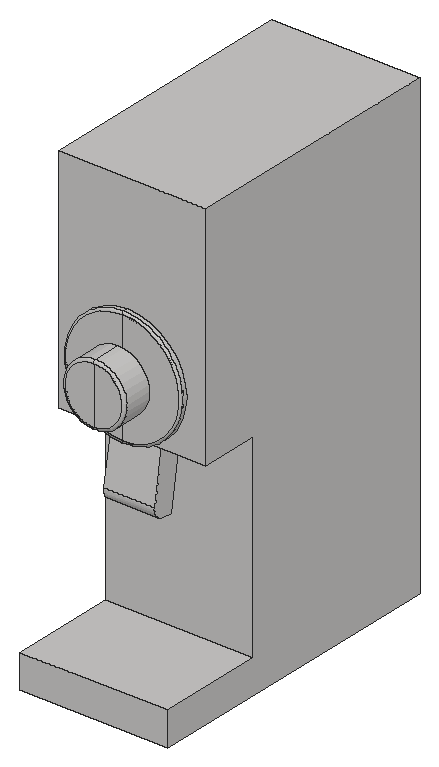
Revit family "QF_ELECTROLUXPROFESSIONAL_600790_E835BUK", category Specialty Equipment, Revit 2018
Family settings
  Round Connector Dimension = Use Diameter
  Part Type = Normal
  Work Plane-Based = No
  Always vertical = Yes
  Cut with Voids When Loaded = No
  Shared = No
  Room Calculation Point = No
Parameters
  Weight = 0.00 lbm
  Watts = 0 W
  Volts = 230 V
  URL Manufacturer = "http://professional.electrolux.com"
  URL = "http://professional.electrolux.com"
  Steam Supply Size = 0"
  Steam Supply Minimum Pressure = 0.00 psi
  Steam Supply Maximum Pressure = 0.00 psi
  Steam Pounds per Hour = 0
  Show Clearance [instance] = yes
  Refrigeration Suction Line Size = 0"
  Refrigeration Liquid Line Size = 0"
  Refrigerant Compressor Remote = yes
  Phase = 1
  Model = "E835BUK"
  Manufacturer = "Electrolux"
  Length Actual = 178 mm  # constant formula
  Item Number = "600790"
  Hot Water Size = 0"
  Height Actual = 559 mm  # constant formula
  HP = "1.1 HP"
  Gas Size = 0"
  Gas KW = 0
  Gas Input Pressure = 0.0 Btu/h
  Direct Waste Size = 0"
  Description = "GRINDER. ONE 0.7 KG HOPPER - BLACK-UK PLUG"
  Depth Actual = 381 mm  # constant formula
  Cycle = 50 Hz
  Condensate Return Size = 0"
  Compressed Air Volume = 0 GPM
  Compressed Air Size = 0"
  Compressed Air Pressure = 0.00 psi
  Cold Water Size = 0"
  Accessory = yes
Reference planes
  plane 1 "BACK": y = 0
  plane 2: z = 0
  plane 3 "LEFT": x = 0
  plane 4 "RIGHT": x = 178
  plane 5 "FRONT": y = -381
  plane 6 "TOP": z = 559
  plane 7 "Center Y": x = 89
  plane 8 "Center X": y = -190.5
Forms (mm)
  Extrusion 1, solid, material "QF_Metal - Stainless - Polished"
    sketch origin (0, 0, 0) x (0, 1, 0) y (0, 0, 1)
      loop
        line (-323.17, 559) -> (-323.17, 280.054) -> (-251.107, 280.054) -> (-251.107, 40.821) -> (-381, 40.821) -> (-381, 0) -> (0, 0) -> (0, 559) -> (-323.17, 559)
    from 0 to 178
  Revolve 2, solid, material "QF_Metal - Stainless - Polished"
    sketch origin (89, 175.397, 1219.2) x (0, 1, 0) y (0, 0, 1)
      loop
        line (-498.567, -868.729) -> (-498.567, -814.641) -> (-505.371, -814.641) -> (-505.371, -797.632) -> (-510.352, -797.632)
        arc (-510.352, -797.632) -> (-512.218, -798.405) -> (-512.991, -800.27) r 2.638
        line (-512.991, -800.27) -> (-512.991, -839.134) -> (-519.794, -839.134) -> (-519.794, -830.97) -> (-553.233, -830.97)
        arc (-553.233, -830.97) -> (-555.47, -831.897) -> (-556.397, -834.134) r 3.165
        line (-556.397, -834.134) -> (-556.397, -868.729) -> (-498.567, -868.729)
      axis (-556.397, -868.729) -> (-498.567, -868.729)
    angle from 0 to 360
  Extrusion 3, solid, material "QF_Metal - Stainless - Polished"
    sketch origin (0, 0, 0) x (0, 1, 0) y (0, 0, 1)
      loop
        line (-316.366, 280.054) -> (-327.566, 216.537)
        arc (-327.566, 216.537) -> (-325.654, 206.464) -> (-317.064, 200.868) r 13.074
        line (-317.064, 200.868) -> (-302.921, 198.374) -> (-288.518, 280.054) -> (-316.366, 280.054)
    from 58.486 to 119.514
  Extrusion 4, solid, material "QF_Door-Drawer Clearances", visible <- "Show Clearance", detail levels coarse
    sketch origin (0, 0, 0) x (0, 1, 0) y (0, 0, 1)
      loop
        arc (-44.479, 800.898) -> (-215.34, 730.125) -> (-286.112, 559.265) r 241.633
        line (-286.112, 559.265) -> (-44.479, 559.265) -> (-44.479, 800.898)
    from 12.295 to 165.705
  Extrusion 5, solid, material "QF_Metal - Stainless - Polished"
    sketch origin (18.398, 0, 559) x (0, 0, -1) y (-1, 0, 0)
      loop
        circle (456.375, -70.602) r 5
    from 0 to 2
Lines and regions (mm)
  symbolic lines
    curve 1: line (0, 0, 0) -> (178, 0, 0)
    curve 2: line (0, -323.17, 0) -> (0, 0, 0)
    curve 3: line (178, -323.17, 0) -> (0, -323.17, 0)
    curve 4: line (178, 0, 0) -> (178, -323.17, 0)
    curve 5: line (0, -323.17, 0) -> (0, -342.857, 0)
    curve 6: line (0, -342.857, 0) -> (58.486, -342.857, 0)
    curve 7: line (178, -342.857, 0) -> (119.525, -342.857, 0)
    curve 8: line (178, -323.17, 0) -> (178, -342.857, 0)
    curve 9: line (119.525, -337.581, 0) -> (119.525, -344.397, 0)
    curve 10: line (119.525, -344.397, 0) -> (127.143, -344.397, 0)
    curve 11: line (127.143, -344.397, 0) -> (127.143, -377.814, 0)
    curve 12: line (58.486, -344.397, 0) -> (58.486, -337.581, 0)
    curve 13: line (119.525, -344.397, 0) -> (50.857, -344.397, 0)
    curve 14: line (50.857, -344.397, 0) -> (50.857, -377.846, 0)
    curve 15: line (123.957, -381, 0) -> (54.011, -381, 0)
    curve 16: arc (127.143, -377.814, 0) -> (126.21, -380.067, 0) -> (123.957, -381, 0) r 3.186
    curve 17: arc (50.857, -377.846, 0) -> (51.781, -380.076, 0) -> (54.011, -381, 0) r 3.154
    curve 18: line (35.6, -323.17, 0) -> (35.6, -329.973, 0)
    curve 19: line (35.6, -329.973, 0) -> (17.904, -329.973, 0)
    curve 20: line (35.6, -329.973, 0) -> (160.096, -329.973, 0)
    curve 21: line (160.096, -329.973, 0) -> (160.096, -335.016, 0)
    curve 22: line (157.532, -337.581, 0) -> (20.538, -337.581, 0)
    curve 23: arc (160.096, -335.016, 0) -> (159.345, -336.829, 0) -> (157.532, -337.581, 0) r 2.564
    curve 24: line (17.904, -329.973, 0) -> (17.904, -334.947, 0)
    curve 25: arc (17.904, -334.947, 0) -> (18.675, -336.809, 0) -> (20.538, -337.581, 0) r 2.634
    curve 26: line (142.455, -329.973, 0) -> (142.455, -323.17, 0)
Dimensions and locks
  equal spacing: plane 3 "LEFT", plane 7 "Center Y", plane 4 "RIGHT"
  plane 3 "LEFT" to plane 4 "RIGHT" = 178 mm
  equal spacing: plane 5 "FRONT", plane 8 "Center X", plane 1 "BACK"
  plane 5 "FRONT" to plane 1 "BACK" = 381 mm  (x2)
  plane 6 "TOP" to level = 559 mm
  plane 6 "TOP" to plane 2 = 559 mm
  plane 4 "RIGHT" to plane 3 "LEFT" = 178 mm
  aligned and locked: level to plane 2
Automatic sketch dimensions
  plane 1 "BACK" to curve 1 = 0 mm
  plane 3 "LEFT" to curve 1 = 0 mm
  plane 5 "FRONT" to curve 17 = 0 mm
  curve 4 to plane 4 "RIGHT" = 0 mm
  plane 3 "LEFT" to curve 19 = 17.904 mm
  curve 24 to curve 25 = 2.634 mm
  curve 25 to curve 20 = 15.062 mm
  curve 14 to plane 5 "FRONT" = 3.154 mm
  curve 14 to plane 7 "Center Y" = 38.143 mm
  plane 7 "Center Y" to curve 9 = 30.525 mm
  curve 9 to curve 15 = 4.431 mm
  curve 16 to curve 11 = 3.186 mm
  plane 4 "RIGHT" to curve 22 = 20.468 mm
  curve 23 to curve 20 = 2.564 mm
  curve 14 to curve 14 = 33.449 mm
  curve 8 to plane 5 "FRONT" = 38.143 mm
  curve 7 to curve 22 = 5.277 mm
  curve 25 to curve 18 = 4.973 mm
  curve 5 to curve 3 = 19.687 mm
  curve 13 to curve 12 = 7.629 mm
  curve 26 to curve 23 = 15.077 mm
  curve 12 to curve 6 = 1.54 mm
  Extrusion 1 sketch curve to level = 0 mm
  Extrusion 1 sketch curve to plane 6 "TOP" = 0 mm
  Extrusion 1 sketch curve to plane 1 "BACK" = 0 mm
  level to Extrusion 1 sketch curve = 40.821 mm
  Extrusion 1 sketch curve to plane 8 "Center X" = 60.607 mm
  Extrusion 1 sketch curve to Extrusion 1 sketch curve = 72.063 mm
  Extrusion 1 sketch curve to plane 6 "TOP" = 278.946 mm
  Revolve 2 sketch curve to plane 5 "FRONT" = 0 mm
  Revolve 2 sketch curve to Revolve 2 sketch curve = 3.165 mm
  Revolve 2 sketch curve to Revolve 2 sketch curve = 33.439 mm
  Revolve 2 sketch curve to Revolve 2 sketch curve = 6.804 mm
  Revolve 2 sketch curve to Revolve 2 sketch curve = 2.638 mm
  Revolve 2 sketch curve to Revolve 2 sketch curve = 4.982 mm
  Revolve 2 sketch curve to Revolve 2 sketch curve = 14.424 mm
  Revolve 2 sketch curve to plane 6 "TOP" = 208.529 mm
  Revolve 2 sketch curve to Revolve 2 sketch curve = 29.595 mm
  Revolve 2 sketch curve to Revolve 2 sketch curve = 5 mm
  Revolve 2 sketch curve to Revolve 2 sketch curve = 16.329 mm
  Revolve 2 sketch curve to Revolve 2 sketch curve = 14.371 mm
  Revolve 2 sketch curve to Revolve 2 sketch curve = 7.036 mm
  Revolve 2 sketch curve to Revolve 2 sketch curve = 21.299 mm
  Revolve 2 sketch curve to Revolve 2 sketch curve = 0 mm
  plane 6 "TOP" to Extrusion 4 sketch curve = 0.265 mm
  Extrusion 4 sketch curve to plane 5 "FRONT" = 94.888 mm
  plane 1 "BACK" to Extrusion 4 sketch curve = 44.479 mm
  Extrusion 5 sketch curve to plane 7 "Center Y" = 0 mm
  level to Extrusion 5 sketch curve = 102.625 mm
  Extrusion 1 sketch curve to plane 5 "FRONT" = 0 mm
  Extrusion 3 sketch curve to plane 5 "FRONT" = 53.434 mm
  Extrusion 3 sketch curve to Extrusion 3 sketch curve = 10.502 mm
  Extrusion 3 sketch curve to Extrusion 3 sketch curve = 11.2 mm
  Extrusion 3 sketch curve to Extrusion 3 sketch curve = 2.27 mm
  Extrusion 3 sketch curve to Extrusion 3 sketch curve = 14.143 mm
  Extrusion 3 sketch curve to Extrusion 3 sketch curve = 27.848 mm
  level to Extrusion 3 sketch curve = 198.374 mm
  Extrusion 3 sketch curve to Extrusion 3 sketch curve = 2.494 mm
  Extrusion 3 sketch curve to Extrusion 3 sketch curve = 12.876 mm
  Extrusion 3 sketch curve to Extrusion 3 sketch curve = 66.31 mm
  radius of Extrusion 5 sketch curve = 5 mm
Connectors
  electrical at (89, 2, 102.625)
    settings: on Extrusion 5, index 2, voltage 230 V, apparent load 0 VA, apparent load phase1 0 VA, apparent load phase2 0 VA, apparent load phase3 0 VA, power factor 1, load classification "Other", number of poles 1, system type 30, power factor state 1, is connector primary yes, connector utility no, sub classification motor no, connector description ""
